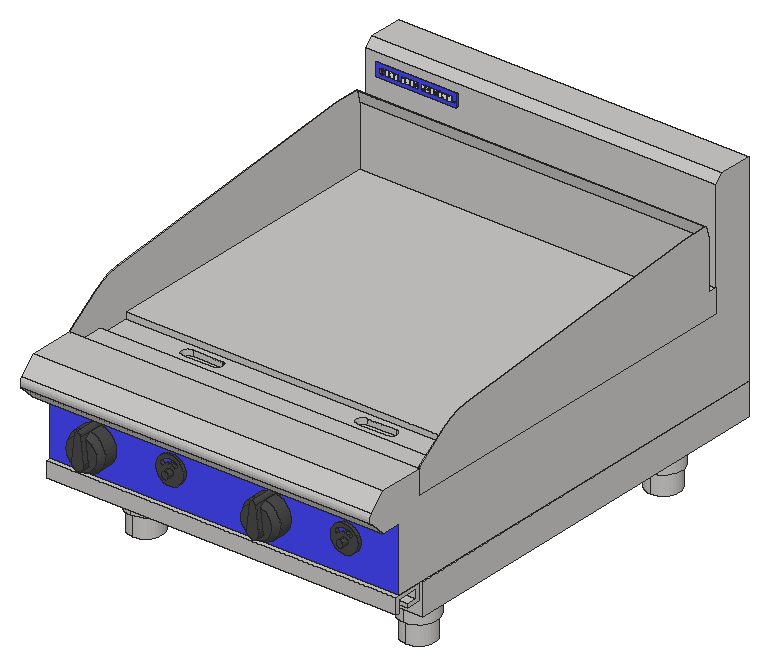
Revit family "QF_MOFFAT_BLUESEAL_CE_G514B-B", category Specialty Equipment, Revit 2012
Parameters
  Width = 600 mm  # constant formula
  Weight in Pounds = 176  # constant formula
  URL Cutsheet = "www.moffat.com"
  URL = "www.moffat.com"
  Type Mark [instance] = ""
  Status [instance] = ""
  Specification by User [instance] = ""
  Specification by Manufacturer = ""
  Show Logo [instance] = yes
  Serial Number = ""
  Seismic Rating = ""
  SMACNA No = ""
  Revision Code [instance] = ""
  Omniclass Number and Title = ""
  NAFEM Spec ID Number = ""
  Model = "G514B-B"
  Mechanical Remarks [instance] = ""
  Mechanical Connection Type [instance] = ""
  Masterspec = ""
  Manufacturer = "MOFFAT BLUESEAL"
  Item Number [instance] = ""
  Installed By [instance] = ""
  Identify Quantity as Lot [instance] = yes
  Height = 485 mm  # constant formula
  Gas Size = 3/4"
  Gas RI Height [instance] = 0 mm
  Gas KW [instance] = 11
  Gas Input [instance] = 37912.0 Btu/h
  Gas Connection Height = 0 mm
  Furnished By [instance] = ""
  Foodservice Equipment Identifier [instance] = yes
  Description = "600MM GAS GRIDDLE PLATE BENCH MOUNT"
  Depth = 812 mm  # constant formula
  CSI MasterFormat = ""
  CSI Master Format = ""
Reference planes
  plane 1 "BACK": y = 0
  plane 2: z = 0
  plane 3 "LEFT": x = 0
  plane 4 "RIGHT": x = 600
  plane 5 "FRONT": y = -812
  plane 6 "TOP": z = 370
  plane 7 "Center Y": x = 300
  plane 8 "Center X": y = -406
  plane 9: z = 485
  plane 10: z = 315
  plane 11: x = 534.5
Forms (mm)
  Revolve 1, solid, material "QF_Finishes_Stainless Steel"
    sketch origin (534.5, -728, 0) x (0, 1, 0) y (0, 0, -1)
      loop
        line (71.25, -85) -> (103, -85) -> (103, 0) -> (75.5, 0) -> (75.5, -35) -> (71.25, -35) -> (71.25, -85)
      axis (103, -85) -> (103, 0)
    angle from 0 to 360
  Revolve 2, solid, material "QF_Finishes_Stainless Steel"
    sketch origin (534.5, -210, 0) x (0, 1, 0) y (0, 0, -1)
      loop
        line (78.25, -85) -> (110, -85) -> (110, 0) -> (82.5, 0) -> (82.5, -35) -> (78.25, -35) -> (78.25, -85)
      axis (110, -85) -> (110, 0)
    angle from 0 to 360
  Revolve 3, solid, material "QF_Finishes_Stainless Steel"
    sketch origin (66, -728, 0) x (0, 1, 0) y (0, 0, 1)
      loop
        line (71.25, 85) -> (71.25, 35) -> (75.5, 35) -> (75.5, 0) -> (103, 0) -> (103, 85) -> (71.25, 85)
      axis (103, 85) -> (103, 0)
    angle from 0 to 360
  Revolve 4, solid, material "QF_Finishes_Stainless Steel"
    sketch origin (66, -210, 0) x (0, 1, 0) y (0, 0, 1)
      loop
        line (78.25, 85) -> (78.25, 35) -> (82.5, 35) -> (82.5, 0) -> (110, 0) -> (110, 85) -> (78.25, 85)
      axis (110, 85) -> (110, 0)
    angle from 0 to 360
  Extrusion 5, solid, material "QF_Finishes_Stainless Steel"
    sketch origin (405, 3, -500) x (1, 0, 0) y (0, 1, 0)
      loop
        circle (65, -35) r 13.5
    from 555 to 585
  Extrusion 6, solid, material "QF_Finishes_Stainless Steel"
    sketch origin (0, 0, 0) x (0, 1, 0) y (0, 0, 1)
      loop
        line (-756, 112.019) -> (-749.6, 112.019) -> (-749.6, 132.806) -> (-712.4, 132.806) -> (-712.4, 118.419) -> (-731, 118.419) -> (-731, 112.019) -> (-706, 112.019) -> (-706, 139.206) -> (-756, 139.206) -> (-756, 112.019)
    from 0 to 600
  Revolve 7, solid, material "QF_Finishes_Black"
    sketch origin (89.999, 7, -0.127) x (0, 1, 0) y (0, 0, -1)
      loop
        line (-789, -229.5) -> (-766, -229.5) -> (-766, -202) -> (-756, -202) -> (-756, -197) -> (-800, -197) -> (-800, -223.651) -> (-789, -229.5)
      axis (-800, -197) -> (-756, -197)
    angle from 0 to 360
  Extrusion 8, solid, material "QF_Finishes_Black"
    sketch origin (228.269, 7, 0.031) x (-1, 0, 0) y (0, 0, -1)
      loop
        line (127.85, -186.163) -> (133.27, -229.082)
        arc (133.27, -229.082) -> (138.269, -233.969) -> (143.267, -229.082) r 5
        line (143.267, -229.082) -> (148.756, -184.996)
        arc (148.756, -184.996) -> (137.684, -174.498) -> (127.85, -186.163) r 10.487
    from 759 to 808
  Extrusion 9, solid, material "QF_Finishes_Stainless Steel"
    sketch origin (0, 0, 0) x (0, 1, 0) y (0, 0, 1)
      loop
        line (-784.97, 250) -> (-749, 250) -> (-749, 140) -> (0, 140) -> (0, 485) -> (-57.5, 485) -> (-70, 472.5) -> (-70, 275) -> (-705, 275) -> (-705, 315) -> (-783.97, 315) -> (-808.498, 290.472)
        arc (-808.498, 290.472) -> (-812.007, 282) -> (-808.498, 273.528) r 11.982
        line (-808.498, 273.528) -> (-784.97, 250)
      loop
        line (0, 85) -> (0, 139.206) -> (-699, 139.206) -> (-699, 85) -> (0, 85)
    from 0 to 600
  Revolve 10, solid, material "QF_Finishes_Black"
    sketch origin (390, 7, -0.127) x (0, 1, 0) y (0, 0, -1)
      loop
        line (-789, -229.5) -> (-766, -229.5) -> (-766, -202) -> (-756, -202) -> (-756, -197) -> (-800, -197) -> (-800, -223.651) -> (-789, -229.5)
      axis (-800, -197) -> (-756, -197)
    angle from 0 to 360
  Extrusion 11, solid, material "QF_Finishes_Black"
    sketch origin (528.269, 7, 0.031) x (-1, 0, 0) y (0, 0, -1)
      loop
        line (127.85, -186.163) -> (133.271, -229.082)
        arc (133.271, -229.082) -> (138.269, -233.969) -> (143.268, -229.082) r 5
        line (143.268, -229.082) -> (148.757, -184.996)
        arc (148.757, -184.996) -> (137.685, -174.498) -> (127.85, -186.163) r 10.487
    from 759 to 808
  Extrusion 12, solid, material "QF_Finishes_Black"
    sketch origin (0, -749, 266) x (0, 0, -1) y (1, 0, 0)
      loop
        circle (69, 210) r 23.9
      loop
        arc (61.641, 218.419) -> (62.501, 223.219) -> (57.701, 224.079) r 3.448
        arc (57.701, 224.079) -> (51.116, 209.341) -> (58.919, 195.209) r 18.095
        arc (58.919, 195.209) -> (63.641, 196.491) -> (62.326, 201.204) r 3.448
        arc (62.326, 201.204) -> (58.758, 209.683) -> (61.641, 218.419) r 13.109
      loop
        circle (69, 510) r 23.9
      loop
        arc (61.641, 518.419) -> (62.501, 523.219) -> (57.701, 524.079) r 3.448
        arc (57.701, 524.079) -> (51.116, 509.341) -> (58.919, 495.209) r 18.095
        arc (58.919, 495.209) -> (63.641, 496.491) -> (62.326, 501.204) r 3.448
        arc (62.326, 501.204) -> (58.758, 509.683) -> (61.641, 518.419) r 13.109
    from 0 to 5
  Extrusion 13, solid, material "QF_Finishes_Black"
    sketch origin (0, -754, 266) x (0, 0, -1) y (1, 0, 0)
      loop
        circle (72.5, 210) r 5.75
      loop
        circle (72.5, 510) r 5.75
    from 0 to 10
Lines and regions (mm)
  Split face 1
    outline origin (0, 0, 485) x (0, -1, 0) y (1, 0, 0)
      loop
        arc (18.185, 336.013) -> (23.185, 327.353) -> (33.185, 327.353) r 10
        line (33.185, 327.353) -> (40.185, 331.394)
        arc (40.185, 331.394) -> (43.845, 335.055) -> (45.185, 340.055) r 10
        line (45.185, 340.055) -> (45.185, 568.013)
        arc (45.185, 568.013) -> (40.185, 576.674) -> (30.185, 576.674) r 10
        line (30.185, 576.674) -> (23.185, 572.632)
        arc (23.185, 572.632) -> (19.525, 568.972) -> (18.185, 563.972) r 10
        line (18.185, 563.972) -> (18.185, 336.013)
  Split face 2
    outline origin (-300, 0, 485) x (0, -1, 0) y (1, 0, 0)
      loop
        arc (18.185, 336.013) -> (23.185, 327.353) -> (33.185, 327.353) r 10
        line (33.185, 327.353) -> (40.185, 331.394)
        arc (40.185, 331.394) -> (43.845, 335.055) -> (45.185, 340.055) r 10
        line (45.185, 340.055) -> (45.185, 568.013)
        arc (45.185, 568.013) -> (40.185, 576.674) -> (30.185, 576.674) r 10
        line (30.185, 576.674) -> (23.185, 572.632)
        arc (23.185, 572.632) -> (19.525, 568.972) -> (18.185, 563.972) r 10
        line (18.185, 563.972) -> (18.185, 336.013)
  symbolic lines
    curve 1: line (0, 0, 0) -> (0, -812, 0)
    curve 2: line (600, 0, 0) -> (0, 0, 0)
    curve 3: line (600, -812, 0) -> (600, 0, 0)
    curve 4: line (0, -70, 0) -> (600, -70, 0)
    curve 5: line (0, -812, 0) -> (600, -812, 0)
    curve 6: line (600, -705, 0) -> (0, -705, 0)
    curve 7: line (36.013, -18.185, 0) -> (263.972, -18.185, 0)
    curve 8: arc (263.972, -18.185, 0) -> (268.972, -19.525, 0) -> (272.632, -23.185, 0) r 10
    curve 9: line (272.632, -23.185, 0) -> (276.674, -30.185, 0)
    curve 10: arc (276.674, -30.185, 0) -> (276.674, -40.185, 0) -> (268.013, -45.185, 0) r 10
    curve 11: line (268.013, -45.185, 0) -> (40.055, -45.185, 0)
    curve 12: arc (40.055, -45.185, 0) -> (35.055, -43.845, 0) -> (31.394, -40.185, 0) r 10
    curve 13: line (31.394, -40.185, 0) -> (27.353, -33.185, 0)
    curve 14: arc (27.353, -33.185, 0) -> (27.353, -23.185, 0) -> (36.013, -18.185, 0) r 10
    curve 15: line (336.013, -18.185, 0) -> (563.972, -18.185, 0)
    curve 16: arc (563.972, -18.185, 0) -> (568.972, -19.525, 0) -> (572.632, -23.185, 0) r 10
    curve 17: line (572.632, -23.185, 0) -> (576.674, -30.185, 0)
    curve 18: arc (576.674, -30.185, 0) -> (576.674, -40.185, 0) -> (568.013, -45.185, 0) r 10
    curve 19: line (568.013, -45.185, 0) -> (340.055, -45.185, 0)
    curve 20: arc (340.055, -45.185, 0) -> (335.055, -43.845, 0) -> (331.394, -40.185, 0) r 10
    curve 21: line (331.394, -40.185, 0) -> (327.353, -33.185, 0)
    curve 22: arc (327.353, -33.185, 0) -> (327.353, -23.185, 0) -> (336.013, -18.185, 0) r 10
Dimensions and locks
  equal spacing: plane 3 "LEFT", plane 7 "Center Y", plane 4 "RIGHT"
  "Width": plane 3 "LEFT" to plane 4 "RIGHT"
  equal spacing: plane 5 "FRONT", plane 8 "Center X", plane 1 "BACK"
  "Depth": plane 5 "FRONT" to plane 1 "BACK"
  equal spacing: plane 4 "RIGHT", plane 7 "Center Y", plane 3 "LEFT"
  plane 4 "RIGHT" to plane 3 "LEFT" = 600 mm
  Extrusion 5 to level = 55 mm
  Extrusion 5 to plane 1 "BACK" = 32 mm
  plane 5 "FRONT" to plane 1 "BACK" = 812 mm
  "Height": plane 9 to level
  plane 10 to level = 315 mm
  Extrusion 5 sketch curve to plane 1 "BACK" = 32 mm
  aligned and locked: level to plane 2
  aligned and locked: curve 3 to plane 4 "RIGHT"
Automatic sketch dimensions
  Revolve 1 sketch curve to level = 0 mm
  level to Revolve 1 sketch curve = 35 mm
  Revolve 1 sketch curve to plane 5 "FRONT" = 155.25 mm
  Revolve 1 sketch curve to Revolve 1 sketch curve = 4.25 mm
  Revolve 1 sketch curve to Revolve 1 sketch curve = 27.5 mm
  Revolve 1 sketch curve to Revolve 1 sketch curve = 0 mm
  Revolve 1 sketch curve to Revolve 1 sketch curve = 15 mm
  Revolve 1 sketch curve to Revolve 1 sketch curve = 35 mm
  Revolve 1 sketch curve to Revolve 1 sketch curve = 55 mm
  Revolve 2 sketch curve to level = 0 mm
  level to Revolve 2 sketch curve = 35 mm
  plane 1 "BACK" to Revolve 2 sketch curve = 131.75 mm
  Revolve 2 sketch curve to Revolve 2 sketch curve = 4.25 mm
  Revolve 2 sketch curve to Revolve 2 sketch curve = 27.5 mm  (x2)
  Revolve 2 sketch curve to Revolve 2 sketch curve = 15 mm
  Revolve 2 sketch curve to Revolve 2 sketch curve = 35 mm
  Revolve 2 sketch curve to Revolve 2 sketch curve = 55 mm
  Revolve 3 sketch curve to level = 0 mm
  level to Revolve 3 sketch curve = 35 mm
  Revolve 3 sketch curve to plane 5 "FRONT" = 155.25 mm
  Revolve 3 sketch curve to Revolve 3 sketch curve = 4.25 mm
  Revolve 3 sketch curve to Revolve 3 sketch curve = 27.5 mm  (x2)
  Revolve 3 sketch curve to Revolve 3 sketch curve = 55 mm
  Revolve 3 sketch curve to Revolve 3 sketch curve = 15 mm
  Revolve 3 sketch curve to Revolve 3 sketch curve = 35 mm
  Revolve 4 sketch curve to level = 0 mm
  level to Revolve 4 sketch curve = 35 mm
  plane 1 "BACK" to Revolve 4 sketch curve = 131.75 mm
  Revolve 4 sketch curve to Revolve 4 sketch curve = 4.25 mm
  Revolve 4 sketch curve to Revolve 4 sketch curve = 27.5 mm  (x2)
  Revolve 4 sketch curve to Revolve 4 sketch curve = 55 mm
  Revolve 4 sketch curve to Revolve 4 sketch curve = 15 mm
  Revolve 4 sketch curve to Revolve 4 sketch curve = 35 mm
  Extrusion 6 sketch curve to plane 5 "FRONT" = 56 mm
  Extrusion 6 sketch curve to Extrusion 6 sketch curve = 6.4 mm  (x4)
  Extrusion 6 sketch curve to Extrusion 6 sketch curve = 18.6 mm  (x2)
  level to Extrusion 6 sketch curve = 112.019 mm
  Extrusion 6 sketch curve to Extrusion 6 sketch curve = 0 mm
  Extrusion 6 sketch curve to Extrusion 6 sketch curve = 20.787 mm
  Revolve 7 sketch curve to plane 5 "FRONT" = 19 mm
  Revolve 7 sketch curve to Revolve 7 sketch curve = 0 mm  (x2)
  Revolve 7 sketch curve to Revolve 7 sketch curve = 11 mm
  Revolve 7 sketch curve to Revolve 7 sketch curve = 12.7 mm
  Revolve 7 sketch curve to Revolve 7 sketch curve = 23 mm
  Revolve 7 sketch curve to Revolve 7 sketch curve = 10 mm
  Revolve 7 sketch curve to plane 10 = 85.627 mm
  Revolve 7 sketch curve to Revolve 7 sketch curve = 5.849 mm
  Revolve 7 sketch curve to Revolve 7 sketch curve = 27.5 mm
  Revolve 7 sketch curve to Revolve 7 sketch curve = 5 mm
  Extrusion 9 sketch curve to plane 10 = 0 mm
  plane 9 to Extrusion 9 sketch curve = 0 mm
  Extrusion 9 sketch curve to plane 1 "BACK" = 0 mm  (x2)
  plane 1 "BACK" to Extrusion 9 sketch curve = 57.5 mm
  plane 9 to Extrusion 9 sketch curve = 12.5 mm
  Extrusion 9 sketch curve to Extrusion 9 sketch curve = 12.5 mm
  Extrusion 9 sketch curve to plane 5 "FRONT" = 113 mm
  Extrusion 9 sketch curve to plane 5 "FRONT" = 107 mm
  Extrusion 9 sketch curve to Extrusion 9 sketch curve = 50 mm
  Extrusion 9 sketch curve to plane 5 "FRONT" = 28.03 mm
  Extrusion 9 sketch curve to plane 5 "FRONT" = 27.03 mm
  Extrusion 9 sketch curve to plane 5 "FRONT" = 11.975 mm
  Extrusion 9 sketch curve to plane 5 "FRONT" = 3.502 mm  (x2)
  Extrusion 9 sketch curve to plane 10 = 24.528 mm
  Extrusion 9 sketch curve to Extrusion 9 sketch curve = 8.472 mm
  Extrusion 9 sketch curve to Extrusion 9 sketch curve = 40 mm
  Extrusion 9 sketch curve to Extrusion 9 sketch curve = 23.528 mm
  Extrusion 9 sketch curve to Extrusion 9 sketch curve = 110 mm
  Extrusion 9 sketch curve to Extrusion 9 sketch curve = 0.794 mm
  Extrusion 9 sketch curve to Extrusion 9 sketch curve = 54.206 mm
  Split face 1 sketch curve to Extrusion 9 = 18.185 mm
  Split face 1 sketch curve to Split face 1 sketch curve = 5 mm  (x2)
  Split face 1 sketch curve to Split face 1 sketch curve = 10 mm  (x3)
  Split face 1 sketch curve to Split face 1 sketch curve = 7 mm  (x4)
  Split face 1 sketch curve to Extrusion 9 = 272.647 mm
  Split face 1 sketch curve to Split face 1 sketch curve = 4.041 mm  (x2)
  Split face 1 sketch curve to Extrusion 9 = 36.028 mm
  Split face 2 sketch curve to Extrusion 9 = 18.185 mm
  Split face 2 sketch curve to Split face 2 sketch curve = 5 mm  (x2)
  Split face 2 sketch curve to Split face 2 sketch curve = 10 mm  (x3)
  Split face 2 sketch curve to Split face 2 sketch curve = 7 mm  (x4)
  Split face 2 sketch curve to Extrusion 9 = 27.353 mm
  Split face 2 sketch curve to Split face 2 sketch curve = 4.041 mm  (x2)
  Split face 2 sketch curve to Split face 2 sketch curve = 223.917 mm
  Revolve 10 sketch curve to plane 5 "FRONT" = 19 mm
  Revolve 10 sketch curve to Revolve 10 sketch curve = 0 mm  (x2)
  Revolve 10 sketch curve to Revolve 10 sketch curve = 11 mm
  Revolve 10 sketch curve to Revolve 10 sketch curve = 12.7 mm
  Revolve 10 sketch curve to Revolve 10 sketch curve = 23 mm
  Revolve 10 sketch curve to Revolve 10 sketch curve = 10 mm
  Revolve 10 sketch curve to plane 10 = 85.627 mm
  Revolve 10 sketch curve to Revolve 10 sketch curve = 5.849 mm
  Revolve 10 sketch curve to Revolve 10 sketch curve = 27.5 mm
  Revolve 10 sketch curve to Revolve 10 sketch curve = 5 mm
  plane 1 "BACK" to curve 1 = 0 mm
  curve 1 to plane 3 "LEFT" = 0 mm
  plane 5 "FRONT" to curve 3 = 0 mm
  plane 3 "LEFT" to curve 14 = 27.353 mm
  curve 14 to curve 12 = 4.041 mm
  curve 14 to curve 7 = 8.66 mm
  curve 13 to curve 12 = 8.66 mm
  curve 8 to plane 7 "Center Y" = 36.028 mm
  curve 8 to curve 10 = 4.041 mm
  curve 7 to curve 8 = 8.66 mm
  curve 9 to curve 9 = 4.041 mm
  plane 7 "Center Y" to curve 22 = 27.353 mm
  curve 21 to curve 20 = 4.041 mm
  curve 22 to curve 22 = 8.66 mm
  curve 21 to curve 19 = 8.66 mm
  curve 16 to curve 18 = 4.041 mm
  curve 15 to curve 17 = 8.66 mm
  curve 16 to curve 17 = 4.041 mm
  plane 1 "BACK" to curve 11 = 45.185 mm
  curve 4 to curve 19 = 24.815 mm
  curve 19 to curve 20 = 5 mm
  curve 12 to curve 13 = 5 mm
  curve 19 to curve 18 = 10 mm
  curve 10 to curve 10 = 10 mm
  curve 20 to curve 22 = 7 mm  (x2)
  curve 12 to curve 13 = 7 mm
  curve 12 to curve 14 = 7 mm
  curve 10 to curve 8 = 7 mm
  curve 18 to curve 16 = 7 mm
  curve 4 to curve 12 = 29.815 mm
  curve 6 to plane 5 "FRONT" = 107 mm
  Extrusion 8 sketch curve to Extrusion 8 sketch curve = 10.419 mm
  Extrusion 8 sketch curve to Extrusion 8 sketch curve = 4.999 mm  (x2)
  Extrusion 8 sketch curve to Extrusion 8 sketch curve = 10.487 mm
  Extrusion 8 sketch curve to plane 10 = 85.887 mm
  Extrusion 8 sketch curve to Extrusion 8 sketch curve = 0.113 mm
  Extrusion 8 sketch curve to Extrusion 8 sketch curve = 42.919 mm
  Extrusion 8 sketch curve to Extrusion 8 sketch curve = 1.167 mm
  plane 7 "Center Y" to Extrusion 11 sketch curve = 100.419 mm
  Extrusion 11 sketch curve to Extrusion 11 sketch curve = 5.421 mm
  Extrusion 11 sketch curve to Extrusion 11 sketch curve = 10.419 mm
  Extrusion 11 sketch curve to Extrusion 11 sketch curve = 4.999 mm  (x2)
  Extrusion 11 sketch curve to Extrusion 11 sketch curve = 10.487 mm
  Extrusion 11 sketch curve to plane 10 = 85.887 mm
  Extrusion 11 sketch curve to Extrusion 11 sketch curve = 0.113 mm
  Extrusion 11 sketch curve to Extrusion 11 sketch curve = 42.919 mm
  Extrusion 11 sketch curve to Extrusion 11 sketch curve = 1.167 mm
  Extrusion 9 to Extrusion 12 sketch curve = 41.701 mm  (x2)
  Extrusion 12 sketch curve to Extrusion 12 sketch curve = 1.218 mm  (x2)
  Extrusion 12 sketch curve to Extrusion 12 sketch curve = 1.97 mm  (x4)
  Extrusion 12 sketch curve to Extrusion 12 sketch curve = 1.724 mm  (x2)
  Extrusion 12 sketch curve to Extrusion 12 sketch curve = 1.683 mm  (x2)
  Extrusion 12 sketch curve to Extrusion 12 sketch curve = 6.674 mm  (x2)
  Extrusion 12 sketch curve to Extrusion 12 sketch curve = 0.195 mm  (x2)
  Extrusion 12 sketch curve to Extrusion 12 sketch curve = 2.662 mm  (x2)
  Extrusion 9 to Extrusion 12 sketch curve = 195.209 mm
  Extrusion 12 sketch curve to Extrusion 12 sketch curve = 2.986 mm  (x2)
  Extrusion 12 sketch curve to Extrusion 12 sketch curve = 8.796 mm  (x2)
  Extrusion 12 sketch curve to Extrusion 12 sketch curve = 0.103 mm  (x2)
  Extrusion 12 sketch curve to Extrusion 12 sketch curve = 0.102 mm  (x2)
  Extrusion 9 to Extrusion 12 sketch curve = 104.791 mm
  plane 4 "RIGHT" to curve 16 = 36.028 mm
  plane 4 "RIGHT" to Extrusion 5 sketch curve = 130 mm
  plane 3 "LEFT" to Extrusion 8 sketch curve = 100.419 mm
  Extrusion 8 sketch curve to Extrusion 8 sketch curve = 5.421 mm
  radius of Extrusion 5 sketch curve = 13.5 mm
  radius of Extrusion 12 sketch curve = 23.9 mm  (x2)
Nested families
  nested 1: "WALDORF LOGO_FACE BASE" at (18.6, -70, 458.604) x (1, 0, 0) z (0, -1, 0), visible <- "Show Logo", type "WALDORF LOGO_FACE BASE", detail levels medium+fine
    with Show Logo yes
  nested 2: "GAS GRIDDLE PLATE 600" at (0, -85, 274.5), type "GAS GRIDDLE PLATE 600"
    with Width 600 mm, Type Mark "", Status "", Specification by User "", Revision Code "", Item Number "", Installed By "", Identify Quantity as Lot yes, Furnished By "", Foodservice Equipment Identifier yes, Depth 620 mm
Connectors
  piping at (470, -32, 55)
    settings: on Extrusion 5, index 1, connector radius 0.37402", flow factor 0, pipe flow 0 GPM, pressure drop 0.00 psi, fitting loss kfactor 0, connector angle 0.00°, fixture units 0, engagement length 0 mm, flow configuration 1, flow direction 1, fitting loss method 0, system type 7, joint type 0, gender type 0, connector reference index -1, connector utility 0, adjustable connector no, is connector primary yes, fitting loss table "", connector description "GAS CONNECTION"
Definition of nested family "WALDORF LOGO_FACE BASE"
  Parameters (values of type "WALDORF LOGO_FACE BASE")
    Show Logo [instance] = yes
    Default Elevation = 1219.2 mm
  Reference planes
    plane 1 "Center (Front/Back)": y = 0
    plane 2: z = 0
    plane 3 "Center (Left/Right)": x = 0
  Forms (mm)
    Extrusion 1, solid
      sketch origin (0, 0, 0) x (1, 0, 0) y (0, 1, 0)
        loop
          line (-1219.2, 1219.2) -> (-1219.2, -1219.2) -> (1219.2, -1219.2) -> (1219.2, 1219.2) -> (-1219.2, 1219.2)
      from 0 to -304.8
    Extrusion 2, solid, material "QF_Finishes_Blue", visible <- "Show Logo"
      sketch origin (0, -33.217, 0) x (1, 0, 0) y (0, 1, 0)
        loop
          arc (138, 31.942) -> (137.626, 32.844) -> (136.724, 33.217) r 1.276
          line (136.724, 33.217) -> (1.29, 33.217)
          arc (1.29, 33.217) -> (0.378, 32.839) -> (0, 31.927) r 1.29
          line (0, 31.927) -> (0, 11.507)
          arc (0, 11.507) -> (0.378, 10.595) -> (1.29, 10.217) r 1.29
          line (1.29, 10.217) -> (136.71, 10.217)
          arc (136.71, 10.217) -> (137.622, 10.595) -> (138, 11.507) r 1.29
          line (138, 11.507) -> (138, 31.942)
      from 0 to 1.588
    Extrusion 3, solid, material "QF_Finishes_White", visible <- "Show Logo"
      sketch origin (0, -33.217, 1.588) x (1, 0, 0) y (0, 1, 0)
        loop
          arc (108.946, 25.919) -> (107.613, 25.367) -> (107.061, 24.034) r 1.885
          line (107.061, 24.034) -> (107.061, 17.211) -> (112.704, 17.211) -> (112.704, 19.129) -> (115.546, 19.129) -> (115.546, 17.211) -> (121.584, 17.211) -> (121.584, 24.075)
          arc (121.584, 24.075) -> (121.043, 25.379) -> (119.739, 25.919) r 1.845
          line (119.739, 25.919) -> (108.946, 25.919)
        loop
          line (123.478, 25.919) -> (123.478, 17.163) -> (134.904, 17.163) -> (134.904, 19.129) -> (129.246, 19.129) -> (129.246, 25.919) -> (123.478, 25.919)
        loop
          line (112.704, 21.258) -> (115.546, 21.258) -> (115.546, 22.702)
          arc (115.546, 22.702) -> (115.344, 23.188) -> (114.858, 23.389) r 0.687
          line (114.858, 23.389) -> (113.363, 23.389)
          arc (113.363, 23.389) -> (112.897, 23.196) -> (112.704, 22.73) r 0.658
          line (112.704, 22.73) -> (112.704, 21.258)
        loop
          line (105.071, 25.919) -> (93.771, 25.919) -> (93.771, 17.163) -> (105.071, 17.163) -> (105.071, 19.063) -> (99.535, 19.063) -> (99.535, 20.437) -> (105.071, 20.437) -> (105.071, 22.278) -> (99.535, 22.278) -> (99.535, 23.587) -> (105.071, 23.587) -> (105.071, 25.919)
        loop
          line (91.104, 25.919) -> (79.541, 25.919)
          arc (79.541, 25.919) -> (78.558, 25.513) -> (78.152, 24.53) r 1.389
          line (78.152, 24.53) -> (78.152, 22.08)
          arc (78.152, 22.08) -> (78.558, 21.098) -> (79.541, 20.691) r 1.389
          line (79.541, 20.691) -> (86.346, 20.691) -> (86.346, 18.864) -> (83.266, 18.864) -> (83.266, 19.664) -> (78.152, 19.664) -> (78.152, 18.553)
          arc (78.152, 18.553) -> (78.558, 17.57) -> (79.541, 17.163) r 1.389
          line (79.541, 17.163) -> (91.063, 17.163)
          arc (91.063, 17.163) -> (92.045, 17.57) -> (92.452, 18.553) r 1.389
          line (92.452, 18.553) -> (92.452, 20.691)
          arc (92.452, 20.691) -> (92.045, 21.673) -> (91.063, 22.08) r 1.389
          line (91.063, 22.08) -> (83.266, 22.08) -> (83.266, 23.984) -> (86.346, 23.984) -> (86.346, 22.743) -> (92.452, 22.743) -> (92.452, 24.571)
          arc (92.452, 24.571) -> (92.057, 25.524) -> (91.104, 25.919) r 1.348
        loop
          line (70.705, 25.919) -> (59.405, 25.919) -> (59.405, 17.163) -> (70.705, 17.163) -> (70.705, 19.063) -> (65.169, 19.063) -> (65.169, 20.437) -> (70.705, 20.437) -> (70.705, 22.278) -> (65.169, 22.278) -> (65.169, 23.587) -> (70.705, 23.587) -> (70.705, 25.919)
        loop
          line (57.598, 25.919) -> (51.7, 25.919) -> (51.7, 20.18)
          arc (51.7, 20.18) -> (50.63, 19.11) -> (49.56, 20.18) r 1.07
          line (49.56, 20.18) -> (49.56, 25.919) -> (43.663, 25.919) -> (43.663, 19.049)
          arc (43.663, 19.049) -> (44.215, 17.716) -> (45.548, 17.163) r 1.885
          line (45.548, 17.163) -> (55.71, 17.163)
          arc (55.71, 17.163) -> (57.045, 17.716) -> (57.598, 19.051) r 1.887
          line (57.598, 19.051) -> (57.598, 25.919)
        loop
          line (31.62, 25.919) -> (31.62, 17.163) -> (43.046, 17.163) -> (43.046, 19.129) -> (37.388, 19.129) -> (37.388, 25.919) -> (31.62, 25.919)
        loop
          line (15.969, 25.919) -> (15.969, 17.163) -> (28.693, 17.163)
          arc (28.693, 17.163) -> (29.812, 17.627) -> (30.276, 18.746) r 1.582
          line (30.276, 18.746) -> (30.276, 20.447) -> (29.48, 21.243) -> (30.276, 22.039) -> (30.276, 24.332)
          arc (30.276, 24.332) -> (29.811, 25.454) -> (28.688, 25.919) r 1.587
          line (28.688, 25.919) -> (15.969, 25.919)
        loop
          line (21.449, 24.159) -> (21.449, 22.436) -> (23.862, 22.436)
          arc (23.862, 22.436) -> (24.723, 23.298) -> (23.862, 24.159) r 0.861
          line (23.862, 24.159) -> (21.449, 24.159)
        loop
          line (21.449, 20.244) -> (21.449, 18.522) -> (23.862, 18.522)
          arc (23.862, 18.522) -> (24.723, 19.383) -> (23.862, 20.244) r 0.861
          line (23.862, 20.244) -> (21.449, 20.244)
      from 0 to 0.2
    Extrusion 4, solid, material "QF_Finishes_Blue", visible <- "Show Logo"
      sketch origin (-126.498, -31.09, 1.588) x (1, 0, 0) y (0, 1, 0)
        loop
          line (136.738, 23.522) -> (136.738, 15.1)
          arc (136.738, 15.1) -> (140.756, 19.311) -> (136.738, 23.522) r 4.216
      from 0 to 0.2
    Extrusion 5, solid, material "QF_Finishes_Red", visible <- "Show Logo"
      sketch origin (146.849, -31.09, 1.588) x (-1, 0, 0) y (0, -1, 0)
        loop
          arc (136.738, -23.522) -> (140.756, -19.311) -> (136.738, -15.1) r 4.216
          line (136.738, -15.1) -> (136.738, -23.522)
      from 0 to 0.2
  Lines and regions (mm)
    Split face 1
      outline origin (-90.35, -30.793, 1.588) x (1, 0, 0) y (0, 1, 0)
        loop
          circle (100.54, 19.013) r 4.536
  Dimensions and locks
    aligned and locked: plane 2 to Extrusion 1
    aligned and locked: level to Extrusion 1
Definition of nested family "GAS GRIDDLE PLATE 600"
  Parameters (values of type "GAS GRIDDLE PLATE 600")
    Width [instance] = 600 mm
    Weight in Pounds = 0
    URL Cutsheet = ""
    Type Mark [instance] = ""
    Status [instance] = ""
    Specification by User [instance] = ""
    Specification by Manufacturer = ""
    Serial Number = ""
    Seismic Rating = ""
    SMACNA No = ""
    Revision Code [instance] = ""
    Omniclass Number and Title = ""
    NAFEM Spec ID Number = ""
    Masterspec = ""
    Item Number [instance] = ""
    Installed By [instance] = ""
    Identify Quantity as Lot [instance] = yes
    Furnished By [instance] = ""
    Foodservice Equipment Identifier [instance] = yes
    Depth [instance] = 620 mm
    CSI MasterFormat = ""
    CSI Master Format = ""
  Reference planes
    plane 1 "BACK": y = 0
    plane 2: z = 0
    plane 3 "LEFT": x = 0
    plane 4 "RIGHT": x = 600
    plane 5 "FRONT": y = -620
    plane 6 "TOP": z = 142.5
    plane 7 "Center Y": x = 300
    plane 8 "Center X": y = -310
    plane 9: y = -530.997
    plane 10: y = -541.497
    plane 11: y = -503.25
    plane 12: y = -557.737
  Forms (mm)
    Extrusion 1, solid, material "QF_Finishes_Stainless Steel"
      sketch origin (0, 70.003, -874.5) x (0, 1, 0) y (0, 0, 1)
        loop
          line (-70, 875) -> (-70, 997.489) -> (-75.228, 1017) -> (-117.24, 1017) -> (-589.533, 971.523)
          arc (-589.533, 971.523) -> (-614.56, 965.803) -> (-637.306, 953.899) r 100
          line (-637.306, 953.899) -> (-690.003, 917) -> (-690.003, 875) -> (-70, 875)
      from 0 to 1.8
    Extrusion 2, solid, material "QF_Finishes_Stainless Steel"
      sketch origin (600, 70.003, -874.5) x (0, -1, 0) y (0, 0, 1)
        loop
          line (70, 875) -> (690.003, 875) -> (690.003, 917) -> (637.306, 953.899)
          arc (637.306, 953.899) -> (614.56, 965.803) -> (589.533, 971.523) r 100
          line (589.533, 971.523) -> (117.24, 1017) -> (75.228, 1017) -> (70, 997.489) -> (70, 875)
      from 0 to 1.2
    Extrusion 3, solid, material "QF_Finishes_Stainless Steel"
      sketch origin (150, 70.003, -874.5) x (0, 1, 0) y (0, 0, 1)
        loop
          line (-70, 894.5) -> (-573.253, 894.5) -> (-573.253, 884) -> (-627.74, 884) -> (-627.74, 894.5) -> (-690.003, 894.5) -> (-690.003, 874.5) -> (-55, 874.5) -> (-55, 914.5) -> (-70, 914.5) -> (-70, 894.5)
      from -150 to 450
    Extrusion 4, void
      sketch origin (150, -541.497, 10) x (0, -1, 0) y (1, 0, 0)
        loop
          arc (-7.497, 25) -> (-17.497, 35) -> (-27.497, 25) r 10
          line (-27.497, 25) -> (-27.497, -25)
          arc (-27.497, -25) -> (-17.497, -35) -> (-7.497, -25) r 10
          line (-7.497, -25) -> (-7.497, 25)
        loop
          arc (-7.497, 325) -> (-17.497, 335) -> (-27.497, 325) r 10
          line (-27.497, 325) -> (-27.497, 275)
          arc (-27.497, 275) -> (-17.497, 265) -> (-7.497, 275) r 10
          line (-7.497, 275) -> (-7.497, 325)
      from -41.4 to 40.142
    Extrusion 5, solid, material "QF_Finishes_Stainless Steel"
      sketch origin (0, 70.003, -874.5) x (0, 1, 0) y (0, 0, 1)
        loop
          line (-70, 875) -> (-70, 997.489) -> (-75.228, 1017) -> (-76.884, 1017) -> (-71.6, 997.278) -> (-71.6, 875) -> (-70, 875)
      from 0 to 598.8
  Cuts and joins
    Extrusion 4 cuts Extrusion 3
    joined: Extrusion 1, Extrusion 2, Extrusion 3, Extrusion 5
  Lines and regions (mm)
    symbolic lines
      curve 1: line (598.8, -503.25, 0) -> (0, -503.25, 0)
      curve 2: line (1.8, -557.737, 0) -> (598.8, -557.737, 0)
      curve 3: line (0, -620, 0) -> (600, -620, 0)
      curve 4: line (175, -534, 0) -> (125, -534, 0)
      curve 5: arc (125, -534, 0) -> (115, -524, 0) -> (125, -514, 0) r 10
      curve 6: line (125, -514, 0) -> (175, -514, 0)
      curve 7: arc (175, -514, 0) -> (185, -524, 0) -> (175, -534, 0) r 10
      curve 8: arc (425, -514, 0) -> (415, -524, 0) -> (425, -534, 0) r 10
      curve 9: line (425, -534, 0) -> (475, -534, 0)
      curve 10: arc (475, -534, 0) -> (485, -524, 0) -> (475, -514, 0) r 10
      curve 11: line (475, -514, 0) -> (425, -514, 0)
      curve 12: line (600, -5.225, 0) -> (0, -5.225, 0)
      curve 13: line (0, -5.225, 0) -> (0, -620, 0)
      curve 14: line (600, -620, 0) -> (600, -5.225, 0)
  Dimensions and locks
    equal spacing: plane 3 "LEFT", plane 7 "Center Y", plane 4 "RIGHT"
    "Width": plane 3 "LEFT" to plane 4 "RIGHT"
    equal spacing: plane 5 "FRONT", plane 8 "Center X", plane 1 "BACK"
    "Depth": plane 5 "FRONT" to plane 1 "BACK"
    locked: Extrusion 2 to Extrusion 2 at 1.2
    Extrusion 4 sketch curve to Extrusion 4 sketch curve to plane 7 "Center Y" = 50 mm locked, 125 mm locked  (x2)
    aligned and locked: level to plane 2
    aligned and locked: Extrusion 2 to plane 4 "RIGHT"
    aligned and locked: curve 1 to plane 11
    aligned and locked: plane 12 to curve 2
    aligned and locked: Extrusion 5 to cut or joined group of Extrusion 1, Extrusion 2, Extrusion 3, Extrusion 4, Extrusion 5
    aligned and locked: cut or joined group of Extrusion 1, Extrusion 2, Extrusion 3, Extrusion 4, Extrusion 5 to plane 4 "RIGHT"
    aligned and locked: curve 5 to cut or joined group of Extrusion 1, Extrusion 2, Extrusion 3, Extrusion 4, Extrusion 5
    aligned and locked: curve 7 to cut or joined group of Extrusion 1, Extrusion 2, Extrusion 3, Extrusion 4, Extrusion 5
    aligned and locked: cut or joined group of Extrusion 1, Extrusion 2, Extrusion 3, Extrusion 4, Extrusion 5 to plane 3 "LEFT"
  Automatic sketch dimensions
    Extrusion 1 sketch curve to plane 5 "FRONT" = 0 mm
    Extrusion 1 sketch curve to plane 6 "TOP" = 0 mm
    plane 12 to Extrusion 1 sketch curve = 9.566 mm
    plane 11 to Extrusion 1 sketch curve = 16.28 mm
    Extrusion 1 sketch curve to level = 2.516 mm
    plane 11 to Extrusion 1 sketch curve = 6.695 mm
    plane 1 "BACK" to Extrusion 1 sketch curve = 47.237 mm
    plane 1 "BACK" to Extrusion 1 sketch curve = 5.225 mm
    Extrusion 1 sketch curve to plane 1 "BACK" = 0.003 mm
    level to Extrusion 1 sketch curve = 0.5 mm
    Extrusion 1 sketch curve to Extrusion 1 sketch curve = 42 mm
    Extrusion 1 sketch curve to plane 6 "TOP" = 63.101 mm
    Extrusion 1 sketch curve to plane 6 "TOP" = 19.511 mm
    Extrusion 2 sketch curve to plane 6 "TOP" = 0 mm
    Extrusion 2 sketch curve to plane 5 "FRONT" = 0 mm
    plane 12 to Extrusion 2 sketch curve = 9.566 mm
    plane 11 to Extrusion 2 sketch curve = 16.28 mm
    Extrusion 2 sketch curve to level = 2.516 mm
    plane 11 to Extrusion 2 sketch curve = 6.695 mm
    plane 1 "BACK" to Extrusion 2 sketch curve = 47.237 mm
    plane 1 "BACK" to Extrusion 2 sketch curve = 5.225 mm
    Extrusion 2 sketch curve to plane 1 "BACK" = 0.003 mm
    level to Extrusion 2 sketch curve = 0.5 mm
    Extrusion 2 sketch curve to Extrusion 2 sketch curve = 42 mm
    Extrusion 2 sketch curve to plane 6 "TOP" = 63.101 mm
    Extrusion 2 sketch curve to plane 6 "TOP" = 19.511 mm
    plane 1 "BACK" to Extrusion 5 sketch curve = 5.225 mm
    Extrusion 5 sketch curve to plane 1 "BACK" = 0.003 mm
    Extrusion 5 sketch curve to plane 6 "TOP" = 19.511 mm
    Extrusion 5 sketch curve to Extrusion 5 sketch curve = 1.6 mm
    Extrusion 5 sketch curve to Extrusion 5 sketch curve = 0.211 mm
    Extrusion 5 sketch curve to plane 6 "TOP" = 0 mm
    Extrusion 5 sketch curve to Extrusion 5 sketch curve = 1.656 mm
    level to Extrusion 5 sketch curve = 0.5 mm
    plane 11 to Extrusion 4 sketch curve = 10.75 mm  (x2)
    Extrusion 4 sketch curve to Extrusion 4 sketch curve = 10 mm  (x2)
    plane 5 "FRONT" to curve 3 = 0 mm
    curve 9 to plane 12 = 23.737 mm
    plane 7 "Center Y" to curve 9 = 125 mm
    curve 9 to curve 9 = 50 mm
    curve 9 to curve 10 = 10 mm
    plane 3 "LEFT" to curve 2 = 1.8 mm
    plane 3 "LEFT" to curve 12 = 0 mm
    plane 4 "RIGHT" to curve 2 = 1.2 mm
    plane 4 "RIGHT" to curve 3 = 0 mm
    plane 4 "RIGHT" to curve 1 = 1.2 mm
    plane 1 "BACK" to curve 14 = 5.225 mm
    Extrusion 3 sketch curve to plane 5 "FRONT" = 0 mm
    Extrusion 3 sketch curve to plane 12 = 0 mm
    Extrusion 3 sketch curve to plane 11 = 0 mm
    Extrusion 3 sketch curve to plane 1 "BACK" = 0.003 mm
    level to Extrusion 3 sketch curve = 0 mm
    Extrusion 3 sketch curve to Extrusion 3 sketch curve = 15 mm
    level to Extrusion 3 sketch curve = 9.5 mm
    Extrusion 3 sketch curve to Extrusion 3 sketch curve = 10.5 mm
    Extrusion 3 sketch curve to Extrusion 3 sketch curve = 20 mm  (x2)
